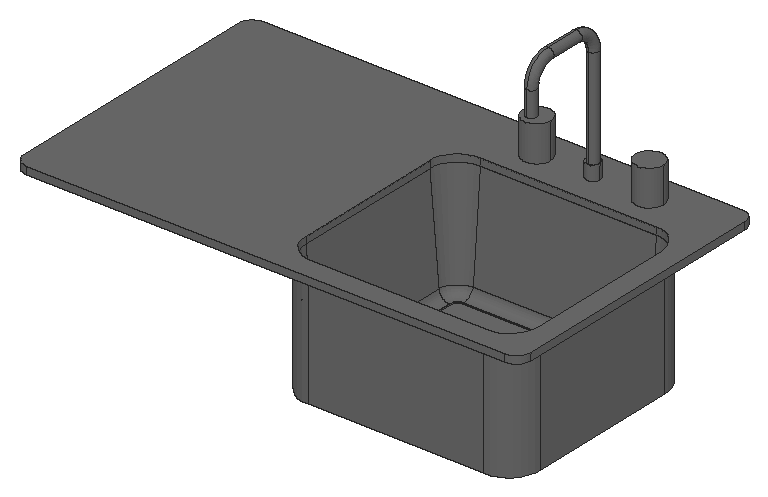
Revit family "915 seb", category Plumbing Fixtures, Revit 2014
Parameters (values of type "36" x 21"")
  Assembly Code = "D2010410"
  Counter Height = 914.4 mm
  Depth = 533.4 mm
  Fixture = Metal - Steel, Polished
  Sink = Metal - Steel, Polished
  Width = 914.4 mm
Types (3, lengths in mm): name | Assembly Code | Counter Height | Depth | Width
  36" x 21" | "D2010410" | 914.4 | 533.4 | 914.4
  900 x 530mm | 0 | 900 | 530 | 900
  1800 x 530mm | 0 | 900 | 530 | 1800
Reference planes
  plane 1 "Center F/B": y = 2.345
  plane 2: z = 0
  plane 3 "Center L/R": x = 15.689
  plane 4: y = 269.045
  plane 5: y = -264.355
  plane 6: x = -441.511
  plane 7: x = 472.889
  plane 8 "Top Of Counter": z = 914.4
  plane 9 "Top Of Sink": z = 927.1
  plane 10: z = 698.5
  plane 11: y = 154.745
  plane 12: x = -403.411
  plane 13: y = -226.255
  plane 14: x = 434.789
  plane 15: x = 123.639
  plane 16: x = 326.839
  plane 17: y = 211.895
  plane 18: y = 211.895
  plane 19: z = 990.6
  plane 20: z = 952.5
  plane 21 "Faucet": x = 225.239
Forms (mm)
  Extrusion 1, solid, material "Metal - Steel, Polished" <- "Sink"
    sketch origin (0, 0, 0) x (1, 0, 0) y (0, 1, 0)
      loop
        arc (-416.111, 269.045) -> (-434.071, 261.606) -> (-441.511, 243.645) r 25.4
        line (-441.511, 243.645) -> (-441.511, -238.955)
        arc (-441.511, -238.955) -> (-434.071, -256.915) -> (-416.111, -264.355) r 25.4
        line (-416.111, -264.355) -> (447.489, -264.355)
        arc (447.489, -264.355) -> (465.45, -256.915) -> (472.889, -238.955) r 25.4
        line (472.889, -238.955) -> (472.889, 243.645)
        arc (472.889, 243.645) -> (465.45, 261.606) -> (447.489, 269.045) r 25.4
        line (447.489, 269.045) -> (-416.111, 269.045)
      loop
        arc (66.489, 154.745) -> (30.568, 139.866) -> (15.689, 103.945) r 50.8
        line (15.689, 103.945) -> (15.689, -175.455)
        arc (15.689, -175.455) -> (30.568, -211.376) -> (66.489, -226.255) r 50.8
        line (66.489, -226.255) -> (383.989, -226.255)
        arc (383.989, -226.255) -> (419.91, -211.376) -> (434.789, -175.455) r 50.8
        line (434.789, -175.455) -> (434.789, 103.945)
        arc (434.789, 103.945) -> (419.91, 139.866) -> (383.989, 154.745) r 50.8
        line (383.989, 154.745) -> (66.489, 154.745)
    from 914.4 to 927.1
  Sweep 2, solid, material "Metal - Steel, Polished" <- "Sink"
    path origin (0, 0, 0) x (1, 0, 0) y (0, 1, 0)
      loop
        arc (66.489, 154.745) -> (30.568, 139.866) -> (15.689, 103.945) r 50.8
        line (15.689, 103.945) -> (15.689, -175.455)
        arc (15.689, -175.455) -> (30.568, -211.376) -> (66.489, -226.255) r 50.8
        line (66.489, -226.255) -> (383.989, -226.255)
        arc (383.989, -226.255) -> (419.91, -211.376) -> (434.789, -175.455) r 50.8
        line (434.789, -175.455) -> (434.789, 103.945)
        arc (434.789, 103.945) -> (419.91, 139.866) -> (383.989, 154.745) r 50.8
        line (383.989, 154.745) -> (66.489, 154.745)
    profile origin (225.239, 0, 0) x (0, 1, 0) y (0, 0, 1)
      loop
        line (154.745, 914.4) -> (138.211, 725.415)
        arc (138.211, 725.415) -> (132.104, 713.03) -> (119.234, 708.025) r 19.05
        line (119.234, 708.025) -> (116.645, 708.025) -> (116.645, 698.5) -> (161.095, 698.5) -> (161.095, 914.4) -> (154.745, 914.4)
  Extrusion 3, solid, material "Metal - Steel, Polished" <- "Sink"
    sketch origin (0, 0, 0) x (1, 0, 0) y (0, 1, 0)
      loop
        arc (66.489, 116.645) -> (57.509, 112.926) -> (53.789, 103.945) r 12.7
        line (53.789, 103.945) -> (53.789, -175.455)
        arc (53.789, -175.455) -> (57.509, -184.435) -> (66.489, -188.155) r 12.7
        line (66.489, -188.155) -> (383.989, -188.155)
        arc (383.989, -188.155) -> (392.969, -184.435) -> (396.689, -175.455) r 12.7
        line (396.689, -175.455) -> (396.689, 103.945)
        arc (396.689, 103.945) -> (392.969, 112.926) -> (383.989, 116.645) r 12.7
        line (383.989, 116.645) -> (66.489, 116.645)
      loop
        circle (225.239, 2.345) r 25.4
    from 698.5 to 708.025
  Extrusion 4, solid, material "Metal - Steel, Polished" <- "Fixture"
    sketch origin (0, 0, 0) x (1, 0, 0) y (0, 1, 0)
      loop
        circle (123.452, 211.895) r 25.4
      loop
        circle (326.839, 211.895) r 25.4
    from 927.1 to 990.6
  Extrusion 5, solid, material "Metal - Steel, Polished" <- "Fixture"
    sketch origin (0, 0, 0) x (1, 0, 0) y (0, 1, 0)
      loop
        circle (225.239, 211.895) r 12.7
    from 927.1 to 952.5
  Sweep 6, solid, material "Metal - Steel, Polished" <- "Fixture"
    path origin (225.239, 0, 0) x (0, 1, 0) y (0, 0, 1)
      loop
        line (211.895, 952.5) -> (211.895, 1133.475)
        arc (211.895, 1133.475) -> (200.736, 1160.416) -> (173.795, 1171.575) r 38.1
        line (173.795, 1171.575) -> (110.295, 1171.575)
        arc (110.295, 1171.575) -> (83.355, 1160.416) -> (72.195, 1133.475) r 38.1
        line (72.195, 1133.475) -> (72.195, 1089.025)
    profile origin (225.239, 0, 1042.988) x (0, -1, 0) y (1, 0, 0)
      loop
        circle (-211.895, 0) r 9.525
Lines and regions (mm)
  symbolic lines
    curve 1: line (472.889, 269.045, 0) -> (-441.511, 269.045, 0)
    curve 2: line (472.889, -264.355, 0) -> (472.889, 269.045, 0)
    curve 3: line (-441.511, -264.355, 0) -> (472.889, -264.355, 0)
    curve 4: line (-441.511, 269.045, 0) -> (-441.511, -264.355, 0)
    curve 5: line (-403.411, 107.12, 0) -> (-403.411, -178.63, 0)
    curve 6: line (-355.786, -226.255, 0) -> (383.989, -226.255, 0)
    curve 7: line (434.789, -175.455, 0) -> (434.789, 103.945, 0)
    curve 8: line (383.989, 154.745, 0) -> (237.939, 154.745, 0)
    curve 9: arc (434.789, 103.945, 0) -> (419.91, 139.866, 0) -> (383.989, 154.745, 0) r 50.8
    curve 10: arc (383.989, -226.255, 0) -> (419.91, -211.376, 0) -> (434.789, -175.455, 0) r 50.8
    curve 11: arc (-403.411, -178.63, 0) -> (-389.462, -212.306, 0) -> (-355.786, -226.255, 0) r 47.625
    curve 12: arc (-355.786, 154.745, 0) -> (-389.462, 140.796, 0) -> (-403.411, 107.12, 0) r 47.625
    curve 13: arc (237.939, 211.895, 0) -> (225.239, 224.595, 0) -> (212.539, 211.895, 0) r 12.7
    curve 14: line (212.539, 211.895, 0) -> (212.539, 53.145, 0)
    curve 15: line (237.939, 211.895, 0) -> (237.939, 53.145, 0)
    curve 16: arc (237.939, 53.145, 0) -> (225.239, 40.445, 0) -> (212.539, 53.145, 0) r 12.7
    curve 17: line (212.539, 154.745, 0) -> (-355.786, 154.745, 0)
    curve 18: arc (250.639, 2.345, 0) -> (225.239, 27.745, 0) -> (199.839, 2.345, 0) r 25.4
    curve 19: arc (250.639, 2.345, 0) -> (225.239, -23.055, 0) -> (199.839, 2.345, 0) r 25.4
    curve 20: arc (352.239, 211.895, 0) -> (326.839, 237.295, 0) -> (301.439, 211.895, 0) r 25.4
    curve 21: arc (352.239, 211.895, 0) -> (326.839, 186.495, 0) -> (301.439, 211.895, 0) r 25.4
    curve 22: arc (148.852, 211.895, 0) -> (123.452, 186.495, 0) -> (98.052, 211.895, 0) r 25.4
    curve 23: arc (148.852, 211.895, 0) -> (123.452, 237.295, 0) -> (98.052, 211.895, 0) r 25.4
    curve 24: line (15.689, -175.455, 0) -> (15.689, 103.945, 0)
    curve 25: arc (66.489, 154.745, 0) -> (30.568, 139.866, 0) -> (15.689, 103.945, 0) r 50.8
    curve 26: arc (66.489, -226.255, 0) -> (30.568, -211.376, 0) -> (15.689, -175.455, 0) r 50.8
    curve 39: line (15.689, 107.12, 0) -> (-403.411, 107.12, 0)
    curve 40: line (15.689, 59.495, 0) -> (-403.411, 59.495, 0)
    curve 41: line (15.689, 11.87, 0) -> (-403.411, 11.87, 0)
    curve 42: line (15.689, -35.755, 0) -> (-403.411, -35.755, 0)
    curve 43: line (15.689, -83.38, 0) -> (-403.411, -83.38, 0)
    curve 44: line (15.689, -131.005, 0) -> (-403.411, -131.005, 0)
    curve 45: line (15.789, -178.63, 0) -> (-403.411, -178.63, 0)
  model lines
    curve 27: line (15.689, 107.12, 927.1) -> (-403.311, 107.12, 927.1)
    curve 28: line (15.689, 59.495, 927.1) -> (-403.411, 59.495, 927.1)
    curve 29: line (15.689, 11.87, 927.1) -> (-403.411, 11.87, 927.1)
    curve 30: line (15.689, -35.755, 927.1) -> (-403.411, -35.755, 927.1)
    curve 31: line (15.689, -83.38, 927.1) -> (-403.411, -83.38, 927.1)
    curve 32: line (15.689, -131.005, 927.1) -> (-403.411, -131.005, 927.1)
    curve 33: line (15.689, -178.63, 927.1) -> (-403.311, -178.63, 927.1)
    curve 34: line (66.489, 154.745, 927.1) -> (-352.611, 154.745, 927.1)
    curve 35: line (66.489, -226.255, 927.1) -> (-352.611, -226.255, 927.1)
    curve 36: line (-403.411, 103.945, 927.1) -> (-403.411, -175.455, 927.1)
    curve 37: arc (-352.611, 154.745, 927.1) -> (-388.532, 139.866, 927.1) -> (-403.411, 103.945, 927.1) r 50.8
    curve 38: arc (-352.611, -226.255, 927.1) -> (-388.532, -211.376, 927.1) -> (-403.411, -175.455, 927.1) r 50.8
Dimensions and locks
  equal spacing: plane 6, plane 3 "Center L/R", plane 7
  "Width": plane 6 to plane 7
  equal spacing: plane 5, plane 1 "Center F/B", plane 4
  "Depth": plane 5 to plane 4
  "Counter Height": plane 8 "Top Of Counter" to plane 2
  locked: plane 9 "Top Of Sink" to plane 8 "Top Of Counter" at 12.7
  locked: plane 8 "Top Of Counter" to plane 10 at 215.9
  plane 6 to plane 12 = 38.1 mm
  locked: plane 14 to plane 7 at 38.1
  locked: plane 11 to plane 4 at 114.3
  locked: plane 5 to plane 13 at 38.1
  equal spacing: plane 11, plane 17, plane 4
  equal spacing: plane 11, plane 18, plane 4
  locked: plane 19 to plane 9 "Top Of Sink" at 63.5
  locked: plane 20 to plane 9 "Top Of Sink" at 25.4
  equal spacing: plane 3 "Center L/R", plane 21 "Faucet", plane 14
  plane 15 to plane 21 "Faucet" to plane 16 = 101.6 mm locked, 101.6 mm locked
  equal spacing: plane 13, curve 33, curve 32, curve 31, curve 30, curve 29, curve 28, curve 27, plane 11
  aligned and locked: Extrusion 1 sketch curve to plane 5
  aligned and locked: plane 7 to Extrusion 1 sketch curve
  aligned and locked: plane 4 to Extrusion 1 sketch curve
  aligned and locked: Extrusion 1 sketch curve to plane 6
  aligned and locked: plane 8 "Top Of Counter" to Extrusion 1
  aligned and locked: Extrusion 1 to plane 9 "Top Of Sink"
  aligned and locked: plane 11 to Extrusion 1 sketch curve
  aligned and locked: plane 14 to Extrusion 1 sketch curve
  aligned and locked: Extrusion 1 sketch curve to plane 13
  aligned and locked: plane 11 to Sweep 2 sketch curve
  aligned and locked: plane 14 to Sweep 2 sketch curve
  aligned and locked: Sweep 2 sketch curve to plane 13
  aligned and locked: Sweep 2 to Extrusion 3 sketch curve  (x4)
  aligned and locked: Sweep 2 to Extrusion 3
  aligned and locked: plane 10 to Extrusion 3
  aligned and locked: Sweep 2 sketch curve to plane 10
  aligned and locked: plane 8 "Top Of Counter" to Sweep 2 sketch curve
  aligned and locked: Extrusion 4 to Extrusion 1
  aligned and locked: Extrusion 5 to Extrusion 1
  aligned and locked: Extrusion 4 to plane 19
  aligned and locked: Extrusion 5 to plane 20
  aligned and locked: plane 3 "Center L/R" to Sweep 2 sketch curve
  aligned and locked: plane 3 "Center L/R" to Extrusion 1 sketch curve
  aligned and locked: curve 18 to Extrusion 3
  aligned and locked: curve 20 to Extrusion 4
  aligned and locked: curve 22 to Extrusion 4
  aligned and locked: curve 24 to Extrusion 1
Automatic sketch dimensions
  Sweep 2 sketch curve to profile plane = 0 mm
  profile plane to Sweep 2 sketch curve = 16.534 mm
  Sweep 2 sketch curve to Sweep 2 sketch curve = 18.978 mm
  Sweep 2 sketch curve to Sweep 2 sketch curve = 2.588 mm
  Sweep 2 sketch curve to profile plane = 6.35 mm
  Sweep 2 sketch curve to Sweep 2 sketch curve = 9.525 mm
  Sweep 2 sketch curve to Sweep 2 sketch curve = 17.39 mm
  plane 3 "Center L/R" to Sweep 2 sketch curve = 50.8 mm  (x2)
  Sweep 2 sketch curve to Sweep 2 sketch curve = 50.8 mm  (x2)
  Extrusion 3 sketch curve to plane 1 "Center F/B" = 0 mm
  Extrusion 3 sketch curve to plane 21 "Faucet" = 0 mm
  Extrusion 3 sketch curve to Extrusion 3 sketch curve = 12.7 mm  (x4)
  Extrusion 3 sketch curve to Extrusion 3 sketch curve = 25.4 mm
  Extrusion 5 sketch curve to plane 18 = 0 mm
  Extrusion 5 sketch curve to plane 21 "Faucet" = 0 mm
  Extrusion 5 sketch curve to Extrusion 5 sketch curve = 12.7 mm
  Extrusion 4 sketch curve to plane 17 = 0 mm  (x2)
  Extrusion 4 sketch curve to plane 16 = 0 mm
  plane 16 to Extrusion 4 sketch curve = 25.4 mm
  Extrusion 4 sketch curve to plane 15 = 25.213 mm
  plane 15 to Extrusion 4 sketch curve = 0.187 mm
  curve 1 to plane 4 = 0 mm
  curve 1 to plane 6 = 0 mm
  curve 44 to plane 12 = 0 mm
  curve 28 to plane 12 = 0 mm
  curve 11 to plane 13 = 0 mm
  curve 12 to plane 11 = 0 mm
  curve 38 to plane 13 = 0 mm
  curve 37 to plane 11 = 0 mm
  plane 3 "Center L/R" to curve 45 = 0.099 mm
  curve 39 to plane 3 "Center L/R" = 0 mm
  curve 30 to plane 3 "Center L/R" = 0 mm
  curve 33 to plane 3 "Center L/R" = 0 mm
  curve 32 to plane 3 "Center L/R" = 0 mm
  curve 31 to plane 3 "Center L/R" = 0 mm
  curve 29 to plane 3 "Center L/R" = 0 mm
  curve 28 to plane 3 "Center L/R" = 0 mm
  curve 27 to plane 3 "Center L/R" = 0 mm
  curve 26 to plane 13 = 0 mm
  curve 25 to plane 11 = 0 mm
  curve 13 to plane 21 "Faucet" = 0 mm
  curve 8 to plane 11 = 0 mm
  curve 10 to plane 14 = 0 mm
  curve 3 to plane 5 = 0 mm
  curve 3 to plane 7 = 0 mm
  curve 45 to curve 33 = 0.099 mm
  curve 5 to curve 27 = 0.099 mm
  curve 12 to curve 34 = 3.175 mm
  plane 3 "Center L/R" to curve 34 = 50.8 mm
  curve 26 to curve 35 = 0 mm
  curve 25 to curve 34 = 0 mm
  curve 14 to curve 16 = 12.7 mm
  curve 9 to curve 7 = 50.8 mm
  curve 10 to curve 7 = 50.8 mm
  curve 45 to curve 33 = 0 mm
  curve 44 to curve 32 = 0 mm
  curve 43 to curve 31 = 0 mm
  curve 42 to curve 30 = 0 mm
  curve 41 to curve 29 = 0 mm
  curve 15 to plane 1 "Center F/B" = 50.8 mm
  curve 40 to curve 28 = 0 mm
  plane 4 to curve 15 = 57.15 mm
  Sweep 6 sketch curve to plane 20 = 0 mm
  Sweep 6 sketch curve to plane 1 "Center F/B" = 69.85 mm
  plane 11 to Sweep 6 sketch curve = 44.45 mm
  Sweep 6 sketch curve to plane 11 = 19.05 mm
  Sweep 6 sketch curve to Sweep 6 sketch curve = 38.1 mm
  Sweep 6 sketch curve to plane 19 = 98.425 mm
  Sweep 6 sketch curve to Sweep 6 sketch curve = 44.45 mm
  Sweep 6 sketch curve to plane 21 "Faucet" = 0 mm
  Sweep 6 sketch curve to profile plane = 0 mm
  profile plane to Sweep 6 sketch curve = 9.525 mm
  plane 12 to Extrusion 1 sketch curve = 12.7 mm  (x2)
  plane 3 "Center L/R" to Extrusion 1 sketch curve = 50.8 mm  (x2)
  Extrusion 1 sketch curve to Extrusion 1 sketch curve = 50.8 mm  (x2)
  plane 7 to Extrusion 1 sketch curve = 25.4 mm
  plane 13 to Extrusion 1 sketch curve = 12.7 mm
